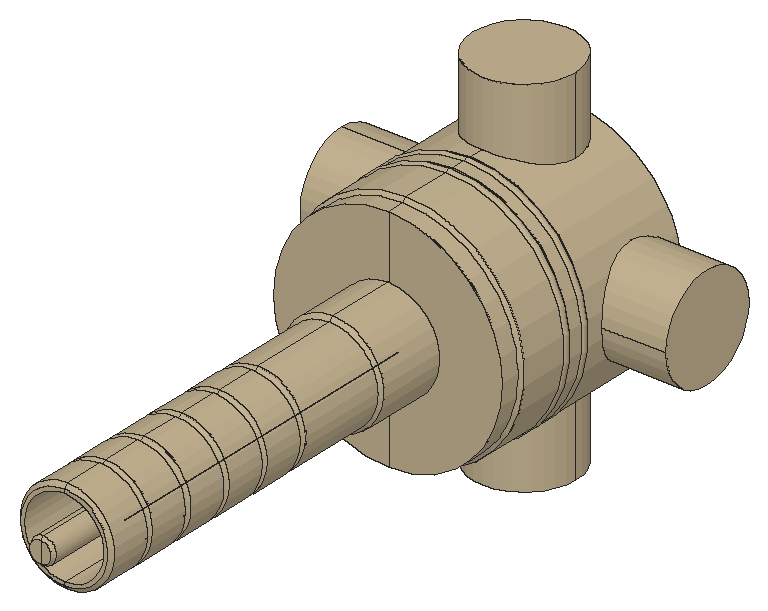
Revit family "Valve-Diverter-Waterworks-Universal-Three_Way", category Pipe Accessories, Revit 2014
Parameters (values of type "Pressure Balance Shower Systems")
  ‌Installation Requirements or Notes = "Valve rough-in depth is measured from the centerline of the inlets to the surface of the finished wall and varies depending on the trim and thermostatic valve being used. Refer to the valve Installation Guidelines for rough-in depth dimension information."  # constant formula
  Water Pressure = "Max: 85psi / Min: 20psi / Recommended: 45psi"  # constant formula
  Warranty = "http://www.waterworks.com/warranty"
  Version = "2014 - v1.0a"  # constant formula
  URL = "http://www.waterworks.com/"
  Tub Spout Outlet Diameter = 0' - 0 1/2"  # constant formula
  Tub Spout Outlet Connection = "Outlet - Male NPT"  # constant formula
  Support Phone = "(224) 699-9545"  # constant formula
  Support Email = "mailto:support@anguleris.com"
  Showerhead Outlet Diameter = 0' - 0 1/2"  # constant formula
  Showerhead Outlet Connection = "Outlet - Male NPT"  # constant formula
  Product Page URL = "http://www.waterworks.com/universal-three-way-diverter-valve-for-pressure-balance-shower-systems-gudv65"
  Product Name = if(Constraint = 1, "Universal Three Way Diverter Valve for Thermostatic Shower Systems", if(Constraint = 2, "Universal Three Way Diverter Valve for Pressure Balance Shower Systems", "Not Available"))  # "Universal Three Way Diverter Valve for Pressure Balance Shower Systems"
  Product Documentation Link = "http://assets.waterworks.com/wasset/98/original/34898.pdf"
  Pressure = 45.00 psi
  Model SKU = if(Constraint = 1, "26-91072-80855", if(Constraint = 2, "26-56833-83182", "Not Available"))  # "26-56833-83182"
  Model = if(Constraint = 1, "GUDV66", if(Constraint = 2, "GUDV65", "Not Available"))  # "GUDV65"
  Mixed Water Inlet Diameter = if(Constraint = 1, 0' 0 3/4", if(Constraint = 2, 0' 0 1/2", 0' 0 1/2"))  # 0' - 0 1/2"
  Mixed Water Inlet Connection = "Inlet - Female NPT"  # constant formula
  Material = ""
  Manufacturer Phone Number = "(203)546-6201"  # constant formula
  Manufacturer Email = "mailto:acallanan@waterworks.com"
  Manufacturer Address = "60 Backus Avenue, Danbury, CT 06810"  # constant formula
  Manufacturer = "Waterworks"  # constant formula
  Length = 0' - 3 5/8"  # constant formula
  Keynote = "22 40 00"
  Height = if(Constraint = 1, 0' 3 13/16", if(Constraint = 2, 0' 3 5/8", 0' 3 13/16"))  # 0' - 3 5/8"
  Handshower Outlet Diameter = 0' - 0 1/2"  # constant formula
  Handshower Outlet Connection = "Outlet - Male NPT"  # constant formula
  Fittings hole Diameter = 0' - 2 1/2"  # constant formula
  Finish = Metal - Waterworks - Unfinished
  Description = "Universal Three Way Diverter Valve for Thermostatic Shower Systems"  # constant formula
  Depth = if(Constraint = 1, 0' 6 1/2", if(Constraint = 2, 0' 6 3/8", 0' 6 1/2"))  # 0' - 6 3/8"
  Copyright = "@2017 Waterworks Operating Company LLC. All rights reserved"  # constant formula
  Constraint = 2
  Code Compliance = if(Constraint = 1, "Code # GUSV66: Complies with ASME A112.18.1/CSA B125.", if(Constraint = 2, "Code # GUSV65: Complies with ASME A112.18.1/CSA B125.", "Not Available"))  # "Code # GUSV65: Complies with ASME A112.18.1/CSA B125."
  Certification cUPC = 1 = 1  # yes
  Certification State of MA = 1 = 1  # yes
  Certification IAPMO = 1 = 1  # yes
  Assembly Code = "D2010"
  3/4" Inlet = if(Constraint = 1, 1 = 1, 1 = 0)  # no
  1/2" Inlet = not([3/4" Inlet])  # yes
Types (2): name | Product Page URL | Product Name | Product Documentation Link | Model SKU | Model | Mixed Water Inlet Diameter | Height | Depth | Constraint | Code Compliance | 3/4" Inlet | 1/2" Inlet
  Thermostatic Shower Systems | "http://www.waterworks.com/universal-three-way-diverter-valve-for-thermostatic-shower-systems-gudv66" | "Universal Three Way Diverter Valve for Thermostatic Shower Systems" | "http://assets.waterworks.com/wasset/100/original/34900.pdf" | "26-91072-80855" | "GUDV66" | 0' - 0 3/4" | 0' - 3 13/16" | 0' - 6 1/2" | 1 | "Code # GUSV66: Complies with ASME A112.18.1/CSA B125." | yes | no
  Pressure Balance Shower Systems | "http://www.waterworks.com/universal-three-way-diverter-valve-for-pressure-balance-shower-systems-gudv65" | "Universal Three Way Diverter Valve for Pressure Balance Shower Systems" | "http://assets.waterworks.com/wasset/98/original/34898.pdf" | "26-56833-83182" | "GUDV65" | 0' - 0 1/2" | 0' - 3 5/8" | 0' - 6 3/8" | 2 | "Code # GUSV65: Complies with ASME A112.18.1/CSA B125." | no | yes
Reference planes (in)
  plane 1 "Center (Front/Back)": y = 0
  plane 2 "Center": z = -0.00625
  plane 3 "Center (Left/Right)": x = 0
  plane 4 "Top": z = -1.81875
  plane 5 "Right": x = -1.8125
  plane 6 "Bottom": z = 1.99375
  plane 7 "Left": x = 1.8125
  plane 8: z = 1.80625
  plane 9: y = -1.6875
  plane 10 "Front": y = -6
  plane 11: y = 0
  plane 12: y = 0.64115
Forms (in)
  Revolve 1, solid, material "Metal - Waterworks - Unfinished", detail levels fine
    sketch origin (0, 0.5, -0.00625) x (0, 0, -1) y (0, -1, 0)
      loop
        line (0, 0) -> (1.17126, 0) -> (1.17126, 1.16339) -> (1.14001, 1.16339)
        arc (1.14001, 1.16339) -> (1.18332, 1.20669) -> (1.14001, 1.25) r 0.04331
        line (1.14001, 1.25) -> (1.17126, 1.25) -> (1.17126, 1.3878) -> (1.14001, 1.3878)
        arc (1.14001, 1.3878) -> (1.18332, 1.4311) -> (1.14001, 1.47441) r 0.04331
        line (1.14001, 1.47441) -> (1.17126, 1.47441) -> (1.17126, 1.96703) -> (1.13583, 2.00246) -> (1.13583, 2.1875) -> (0.50787, 2.1875) -> (0.50787, 2.87402) -> (0.47244, 2.91339) -> (0.47244, 3.8044)
        arc (0.47244, 3.8044) -> (0.44291, 3.84252) -> (0.47244, 3.88064) r 0.03937
        line (0.47244, 3.88064) -> (0.47244, 4.27684)
        arc (0.47244, 4.27684) -> (0.44291, 4.31496) -> (0.47244, 4.35308) r 0.03937
        line (0.47244, 4.35308) -> (0.47244, 4.74928)
        arc (0.47244, 4.74928) -> (0.44291, 4.7874) -> (0.47244, 4.82552) r 0.03937
        line (0.47244, 4.82552) -> (0.47244, 5.22172)
        arc (0.47244, 5.22172) -> (0.44291, 5.25984) -> (0.47244, 5.29796) r 0.03937
        line (0.47244, 5.29796) -> (0.47244, 5.69416)
        arc (0.47244, 5.69416) -> (0.44291, 5.73228) -> (0.47244, 5.7704) r 0.03937
        line (0.47244, 5.7704) -> (0.47244, 6.16142) -> (0.43307, 6.20079) -> (0.3937, 6.20079) -> (0.3937, 2.1875) -> (0.12795, 2.1875) -> (0.12795, 6.46063) -> (0.10522, 6.5) -> (0, 6.5) -> (0, 0)
      axis (0, 6.5) -> (0, 0)
    angle from 0 to 360
  Extrusion 2, solid, material "Metal - Waterworks - Unfinished", detail levels fine
    sketch origin (0, 0.5, -0.00625) x (0, 0, -1) y (0, -1, 0)
      loop
        circle (0, 0.5) r 0.51181
    from -1.8125 to 0
  Extrusion 3, solid, material "Metal - Waterworks - Unfinished", detail levels fine
    sketch origin (0, 0.5, -0.00625) x (0, 0, -1) y (0, -1, 0)
      loop
        circle (0, 0.5) r 0.51181
    from 0 to 1.8125
  Extrusion 4, solid, material "Metal - Waterworks - Unfinished", visible <- "1/2" Inlet", detail levels fine
    sketch origin (0, 0.5, -0.00625) x (-1, 0, 0) y (0, -1, 0)
      loop
        circle (0, 0.5) r 0.51181
    from -1.8125 to 1.8125
  Extrusion 5, solid, material "Metal - Waterworks - Unfinished" <- "Finish", visible <- "3/4" Inlet", detail levels fine
    sketch origin (0, 0.5, -0.00625) x (-1, 0, 0) y (0, -1, 0)
      loop
        circle (0, 0.5) r 0.62992
    from 0 to 2
  Extrusion 6, void, detail levels fine
    sketch origin (0, 0.5, -0.00625) x (-1, 0, 0) y (0, 0, -1)
      loop
        line (-1.17126, 1.17126) -> (-1.17126, -1.17126) -> (1.17126, -1.17126) -> (1.17126, 1.17126) -> (-1.17126, 1.17126)
    from -0.14115 to 0
  Extrusion 7, solid, material "Metal - Waterworks - Unfinished" <- "Finish", visible <- "3/4" Inlet", detail levels fine
    sketch origin (0, 0.5, -0.00625) x (-1, 0, 0) y (0, -1, 0)
      loop
        circle (0, 0.5) r 0.51181
    from -1.8125 to 0
Cuts and joins
  Extrusion 6 cuts Revolve 1
  Extrusion 6 cuts Extrusion 2
  Extrusion 6 cuts Extrusion 3
  joined: Revolve 1, Extrusion 2, Extrusion 3
  Extrusion 6 cuts Extrusion 5
  Extrusion 6 cuts Extrusion 7
  joined: Extrusion 5, Extrusion 7
  Extrusion 6 cuts Extrusion 4
Lines and regions (in)
  symbolic lines
    curve 1: line (0, 0.5, -1.38125) -> (0, -0.5, -1.38125)
    curve 2: line (0, 0.5, 1.36875) -> (0, -0.5, 1.36875)
    curve 3: line (0, 0.5, -1.38125) -> (0, -0.5, 1.36875)
    curve 4: line (0, 0.5, 1.36875) -> (0, -0.5, -1.38125)
    curve 5: line (0, 0, -0.00625) -> (0, -6, -0.00625)
    curve 6: line (0, 1.00508, 0.36875) -> (0, 1.00508, -0.38125)
    curve 7: arc (0, 1.00508, 0.36875) -> (0, 1.38008, -0.00625) -> (0, 1.00508, -0.38125) r 0.375
  model lines, detail levels coarse+medium
    curve 8: line (0, 0, -0.00625) -> (-0.5359, 0, 1.99375)
    curve 9: line (0, 0, -0.00625) -> (0.5359, 0, 1.99375)
    curve 10: line (-0.5359, 0, 1.99375) -> (0.5359, 0, 1.99375)
    curve 11: line (-2, 0, -0.54215) -> (-2, 0, 0.52965)
    curve 12: line (-2, 0, -0.54215) -> (2, 0, 0.52965)
    curve 13: line (-2, 0, 0.52965) -> (2, 0, -0.54215)
    curve 14: line (2, 0, 0.52965) -> (2, 0, -0.54215)
Dimensions and locks (in)
  plane 7 "Left" to plane 3 "Center (Left/Right)" to plane 5 "Right" = 0' - 1 13/16" locked, 0' - 1 13/16" locked
  Revolve 1 sketch curve to Revolve 1 sketch curve to Revolve 1 sketch curve to Revolve 1 sketch curve to Revolve 1 sketch curve to Revolve 1 sketch curve to Revolve 1 sketch curve to Revolve 1 sketch curve to Revolve 1 sketch curve to Revolve 1 sketch curve to Revolve 1 sketch curve to Revolve 1 sketch curve to Revolve 1 sketch curve to Revolve 1 sketch curve to Revolve 1 sketch curve to plane 2 "Center" = 0' - 0" locked, 0' - 0.01206" locked, 0' - 0" locked, 0' - 0" locked, 0' - 0.03543" locked, 0' - 0.62795" locked, 0' - 0.03543" locked, 0' - 0.02953" locked, 0' - 0" locked, 0' - 0" locked, 0' - 0" locked, 0' - 0" locked, 0' - 0.04921" locked, 0' - 0.26575" locked, 0' - 0.12795" locked
  plane 9 to Revolve 1 sketch curve to Revolve 1 sketch curve = 0' - 0.18504" locked, 0' - 0.03543" locked
  Revolve 1 sketch curve to Revolve 1 sketch curve to Revolve 1 sketch curve to Revolve 1 sketch curve to Revolve 1 sketch curve to Revolve 1 sketch curve to Revolve 1 sketch curve to Revolve 1 sketch curve to Revolve 1 sketch curve to plane 9 to plane 1 "Center (Front/Back)" = 0' - 0.03937" locked, 0' - 0.42913" locked, 0' - 0.47244" locked, 0' - 0.47244" locked, 0' - 0.47244" locked, 0' - 0.47244" locked, 0' - 0.92913" locked, 0' - 0.03937" locked, 0' - 0.68652" locked, 0' - 1 11/16" locked
  locked: plane 10 "Front" to Revolve 1 sketch curve at 0.03937
  Extrusion 3 sketch curve to plane 2 "Center" to Extrusion 3 sketch curve = 0' - 0" locked, 0' - 0.51181" locked
  Extrusion 4 sketch curve to plane 1 "Center (Front/Back)" to Extrusion 4 sketch curve = 0' - 0" locked, 0' - 0.51181" locked
  Extrusion 5 sketch curve to plane 1 "Center (Front/Back)" to Extrusion 5 sketch curve = 0' - 0" locked, 0' - 0.62992" locked
  Extrusion 2 sketch curve to plane 2 "Center" to Extrusion 2 sketch curve = 0' - 0" locked, 0' - 0.51181" locked
  locked: Extrusion 2 sketch curve to plane 1 "Center (Front/Back)" at 0.51181
  locked: plane 1 "Center (Front/Back)" to Extrusion 3 sketch curve at 0.51181
  locked: Extrusion 4 sketch curve to plane 3 "Center (Left/Right)" at 0.51181
  locked: Extrusion 5 sketch curve to plane 3 "Center (Left/Right)" at 0.62992
  Extrusion 6 sketch curve to plane 3 "Center (Left/Right)" to Extrusion 6 sketch curve = 0' - 1.17126" locked, 0' - 1.17126" locked
  Extrusion 6 sketch curve to plane 2 "Center" to Extrusion 6 sketch curve = 0' - 1.17126" locked, 0' - 1.17126" locked
  plane 1 "Center (Front/Back)" to plane 9 to plane 10 "Front" = 0' - 1 11/16" locked, 0' - 4 5/16" locked
  plane 6 "Bottom" to plane 8 to plane 2 "Center" to plane 4 "Top" = 0' - 0 3/16" locked, 0' - 1 13/16" locked, 0' - 1 13/16" locked
  locked: plane 11 to plane 12 at 0.64115
  aligned and locked: plane 3 "Center (Left/Right)" to Extrusion 2
  aligned and locked: Extrusion 3 to plane 3 "Center (Left/Right)"
  aligned and locked: Extrusion 3 to plane 5 "Right"
  aligned and locked: Extrusion 4 to plane 4 "Top"
  aligned and locked: Extrusion 4 to plane 8
  aligned and locked: Extrusion 5 to plane 6 "Bottom"
  aligned and locked: Extrusion 7 sketch curve to cut or joined group of Extrusion 4, Extrusion 6  (x2)
  aligned and locked: Extrusion 7 to plane 4 "Top"
  aligned and locked: Revolve 1 sketch curve to plane 2 "Center"
  aligned and locked: plane 2 "Center" to Extrusion 7
  aligned and locked: Revolve 1 sketch curve to plane 3 "Center (Left/Right)"
  aligned and locked: Extrusion 3 to Extrusion 2
  aligned and locked: Extrusion 6 to Revolve 1
  aligned and locked: plane 12 to Extrusion 6
Connectors (in)
  piping at (0, 0, 1.80625), diameter 0.5, driven by "Showerhead Outlet Connection", driven by "Showerhead Outlet Diameter"
    settings: on cut or joined group of Extrusion 4, Extrusion 6, index 1, connector inside diameter 24", connector length 0' - 0", flow factor 0, pipe flow 0 GPM, pressure drop 0.00 psi, fitting loss kfactor 0, connector angle 0.00°, fixture units 0, engagement length 0' - 0", angle of deflection 0.00°, flow configuration 0, flow direction 2, fitting loss method 0, system type 29, joint type 0, gender type 0, connector reference index -1, connector utility 0, adjustable connector no, is connector primary yes, connector description "Outlet - Male NPT"
  piping at (-1.8125, 0, -0.00625), diameter 0.5, driven by "Handshower Outlet Connection", driven by "Handshower Outlet Diameter"
    settings: on cut or joined group of Revolve 1, Extrusion 2, Extrusion 3, Extrusion 6, index 2, connector inside diameter 24", connector length 0' - 0", flow factor 0, pipe flow 0 GPM, pressure drop 0.00 psi, fitting loss kfactor 0, connector angle 0.00°, fixture units 0, engagement length 0' - 0", angle of deflection 0.00°, flow configuration 0, flow direction 2, fitting loss method 0, system type 29, joint type 0, gender type 0, connector reference index -1, connector utility 0, adjustable connector no, is connector primary no, connector description "Outlet - Male NPT"
  piping at (0, 0, -1.81875), diameter 0.5, driven by "Mixed Water Inlet Connection", driven by "Mixed Water Inlet Diameter"
    settings: on cut or joined group of Extrusion 4, Extrusion 6, index 3, connector inside diameter 24", connector length 0' - 0", flow factor 0, pipe flow 0 GPM, pressure drop 0.00 psi, fitting loss kfactor 0, connector angle 0.00°, fixture units 0, engagement length 0' - 0", angle of deflection 0.00°, flow configuration 0, flow direction 1, fitting loss method 0, system type 29, joint type 0, gender type 0, connector reference index -1, connector utility 0, adjustable connector no, is connector primary no, connector description "Inlet - Female NPT"
  piping at (1.8125, 0, -0.00625), diameter 0.5, driven by "Tub Spout Outlet Connection", driven by "Tub Spout Outlet Diameter"
    settings: on cut or joined group of Revolve 1, Extrusion 2, Extrusion 3, Extrusion 6, index 4, connector inside diameter 24", connector length 0' - 0", flow factor 0, pipe flow 0 GPM, pressure drop 0.00 psi, fitting loss kfactor 0, connector angle 0.00°, fixture units 0, engagement length 0' - 0", angle of deflection 0.00°, flow configuration 0, flow direction 2, fitting loss method 0, system type 29, joint type 0, gender type 0, connector reference index -1, connector utility 0, adjustable connector no, is connector primary no, connector description "Outlet - Male NPT"
